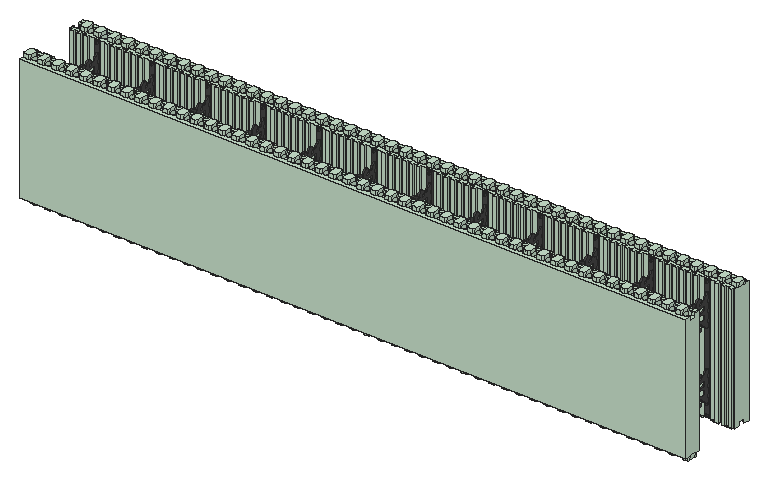
Revit family (continued)
Forms (mm)
  Extrusion 47, void
    sketch origin (2286, 0.196, 0) x (1, 0, 0) y (0, 1, 0)
      loop
        arc (29.796, -130.453) -> (38.1, -131.763) -> (46.404, -130.453) r 26.987
        arc (46.404, -130.453) -> (49.585, -128.147) -> (50.8, -124.411) r 6.35
        line (50.8, -124.411) -> (50.8, -101.014)
        arc (50.8, -101.014) -> (50.362, -98.696) -> (49.108, -96.698) r 6.35
        arc (49.108, -96.698) -> (48.795, -96.199) -> (48.685, -95.62) r 1.588
        line (48.685, -95.62) -> (48.685, -86.829) -> (44.346, -86.829) -> (44.346, -92.457)
        arc (44.346, -92.457) -> (43.786, -93.668) -> (42.5, -94.024) r 1.587
        arc (42.5, -94.024) -> (36.091, -93.737) -> (29.796, -94.972) r 26.988
        arc (29.796, -94.972) -> (26.615, -97.278) -> (25.4, -101.014) r 6.35
        line (25.4, -101.014) -> (25.4, -124.411)
    from 457.2 to 444.5
  Extrusion 48, void
    sketch origin (2336.8, 0.196, 0) x (1, 0, 0) y (0, 1, 0)
      loop
        arc (25.4, -124.411) -> (26.615, -128.147) -> (29.796, -130.453) r 6.35
        arc (29.796, -130.453) -> (38.1, -131.763) -> (46.404, -130.453) r 26.987
        arc (46.404, -130.453) -> (49.585, -128.147) -> (50.8, -124.411) r 6.35
        line (50.8, -124.411) -> (50.8, -101.014)
        arc (50.8, -101.014) -> (50.362, -98.696) -> (49.108, -96.698) r 6.35
        arc (49.108, -96.698) -> (48.795, -96.199) -> (48.685, -95.62) r 1.588
        line (48.685, -95.62) -> (48.685, -86.829) -> (44.346, -86.829) -> (44.346, -92.457)
        arc (44.346, -92.457) -> (43.786, -93.668) -> (42.5, -94.024) r 1.587
        arc (42.5, -94.024) -> (36.091, -93.737) -> (29.796, -94.972) r 26.988
        arc (29.796, -94.972) -> (26.615, -97.278) -> (25.4, -101.014) r 6.35
        line (25.4, -101.014) -> (25.4, -124.411)
    from 457.2 to 444.5
  Extrusion 49, void
    sketch origin (2387.6, 0.196, 0) x (1, 0, 0) y (0, 1, 0)
      loop
        arc (25.4, -124.411) -> (26.615, -128.147) -> (29.796, -130.453) r 6.35
        arc (29.796, -130.453) -> (38.1, -131.763) -> (46.404, -130.453) r 26.987
        arc (46.404, -130.453) -> (49.585, -128.147) -> (50.8, -124.411) r 6.35
        line (50.8, -124.411) -> (50.8, -101.014)
        arc (50.8, -101.014) -> (50.362, -98.696) -> (49.108, -96.698) r 6.35
        arc (49.108, -96.698) -> (48.795, -96.199) -> (48.685, -95.62) r 1.588
        line (48.685, -95.62) -> (48.685, -86.829) -> (44.346, -86.829) -> (44.346, -92.457)
        arc (44.346, -92.457) -> (43.786, -93.668) -> (42.5, -94.024) r 1.587
        arc (42.5, -94.024) -> (36.091, -93.737) -> (29.796, -94.972) r 26.988
        arc (29.796, -94.972) -> (26.615, -97.278) -> (25.4, -101.014) r 6.35
        line (25.4, -101.014) -> (25.4, -124.411)
    from 457.2 to 444.5
  Extrusion 50, void
    sketch origin (2438.4, 0.196, 0) x (-1, 0, 0) y (0, -1, 0)
      loop
        arc (25.4, -124.411) -> (26.615, -128.147) -> (29.796, -130.453) r 6.35
        arc (29.796, -130.453) -> (38.1, -131.763) -> (46.404, -130.453) r 26.987
        arc (46.404, -130.453) -> (49.585, -128.147) -> (50.8, -124.411) r 6.35
        line (50.8, -124.411) -> (50.8, -101.014)
        arc (50.8, -101.014) -> (50.362, -98.696) -> (49.108, -96.698) r 6.35
        arc (49.108, -96.698) -> (48.795, -96.199) -> (48.685, -95.62) r 1.588
        line (48.685, -95.62) -> (48.685, -86.829) -> (44.346, -86.829) -> (44.346, -92.457)
        arc (44.346, -92.457) -> (43.786, -93.668) -> (42.5, -94.024) r 1.587
        arc (42.5, -94.024) -> (36.091, -93.737) -> (29.796, -94.972) r 26.988
        arc (29.796, -94.972) -> (26.615, -97.278) -> (25.4, -101.014) r 6.35
        line (25.4, -101.014) -> (25.4, -124.411)
    from 457.2 to 444.5
  Extrusion 51, void
    sketch origin (2387.6, 0.196, 0) x (-1, 0, 0) y (0, -1, 0)
      loop
        arc (25.4, -124.411) -> (26.615, -128.147) -> (29.796, -130.453) r 6.35
        arc (29.796, -130.453) -> (38.1, -131.763) -> (46.404, -130.453) r 26.987
        arc (46.404, -130.453) -> (49.585, -128.147) -> (50.8, -124.411) r 6.35
        line (50.8, -124.411) -> (50.8, -101.014)
        arc (50.8, -101.014) -> (50.362, -98.696) -> (49.108, -96.698) r 6.35
        arc (49.108, -96.698) -> (48.795, -96.199) -> (48.685, -95.62) r 1.588
        line (48.685, -95.62) -> (48.685, -86.829) -> (44.346, -86.829) -> (44.346, -92.457)
        arc (44.346, -92.457) -> (43.786, -93.668) -> (42.5, -94.024) r 1.587
        arc (42.5, -94.024) -> (36.091, -93.737) -> (29.796, -94.972) r 26.988
        arc (29.796, -94.972) -> (26.615, -97.278) -> (25.4, -101.014) r 6.35
        line (25.4, -101.014) -> (25.4, -124.411)
    from 457.2 to 444.5
  Extrusion 52, void
    sketch origin (2336.8, 0.196, 0) x (-1, 0, 0) y (0, -1, 0)
      loop
        arc (25.4, -124.411) -> (26.615, -128.147) -> (29.796, -130.453) r 6.35
        arc (29.796, -130.453) -> (38.1, -131.763) -> (46.404, -130.453) r 26.987
        arc (46.404, -130.453) -> (49.585, -128.147) -> (50.8, -124.411) r 6.35
        line (50.8, -124.411) -> (50.8, -101.014)
        arc (50.8, -101.014) -> (50.362, -98.696) -> (49.108, -96.698) r 6.35
        arc (49.108, -96.698) -> (48.795, -96.199) -> (48.685, -95.62) r 1.588
        line (48.685, -95.62) -> (48.685, -86.829) -> (44.346, -86.829) -> (44.346, -92.457)
        arc (44.346, -92.457) -> (43.786, -93.668) -> (42.5, -94.024) r 1.587
        arc (42.5, -94.024) -> (36.091, -93.737) -> (29.796, -94.972) r 26.988
        arc (29.796, -94.972) -> (26.615, -97.278) -> (25.4, -101.014) r 6.35
        line (25.4, -101.014) -> (25.4, -124.411)
    from 457.2 to 444.5
  Extrusion 53, void
    sketch origin (2286, 0.196, 0) x (-1, 0, 0) y (0, -1, 0)
      loop
        arc (25.4, -124.411) -> (26.615, -128.147) -> (29.796, -130.453) r 6.35
        arc (29.796, -130.453) -> (38.1, -131.763) -> (46.404, -130.453) r 26.987
        arc (46.404, -130.453) -> (49.585, -128.147) -> (50.8, -124.411) r 6.35
        line (50.8, -124.411) -> (50.8, -101.014)
        arc (50.8, -101.014) -> (50.362, -98.696) -> (49.108, -96.698) r 6.35
        arc (49.108, -96.698) -> (48.795, -96.199) -> (48.685, -95.62) r 1.588
        line (48.685, -95.62) -> (48.685, -86.829) -> (44.346, -86.829) -> (44.346, -92.457)
        arc (44.346, -92.457) -> (43.786, -93.668) -> (42.5, -94.024) r 1.587
        arc (42.5, -94.024) -> (36.091, -93.737) -> (29.796, -94.972) r 26.988
        arc (29.796, -94.972) -> (26.615, -97.278) -> (25.4, -101.014) r 6.35
        line (25.4, -101.014) -> (25.4, -124.411)
    from 457.2 to 444.5
  Extrusion 54, void
    sketch origin (2235.2, 0.196, 0) x (-1, 0, 0) y (0, -1, 0)
      loop
        arc (25.4, -124.411) -> (26.615, -128.147) -> (29.796, -130.453) r 6.35
        arc (29.796, -130.453) -> (38.1, -131.763) -> (46.404, -130.453) r 26.987
        arc (46.404, -130.453) -> (49.585, -128.147) -> (50.8, -124.411) r 6.35
        line (50.8, -124.411) -> (50.8, -101.014)
        arc (50.8, -101.014) -> (50.362, -98.696) -> (49.108, -96.698) r 6.35
        arc (49.108, -96.698) -> (48.795, -96.199) -> (48.685, -95.62) r 1.588
        line (48.685, -95.62) -> (48.685, -86.829) -> (44.346, -86.829) -> (44.346, -92.457)
        arc (44.346, -92.457) -> (43.786, -93.668) -> (42.5, -94.024) r 1.587
        arc (42.5, -94.024) -> (36.091, -93.737) -> (29.796, -94.972) r 26.988
        arc (29.796, -94.972) -> (26.615, -97.278) -> (25.4, -101.014) r 6.35
        line (25.4, -101.014) -> (25.4, -124.411)
    from 457.2 to 444.5
  Extrusion 55, void
    sketch origin (2184.4, 0.196, 0) x (-1, 0, 0) y (0, -1, 0)
      loop
        arc (25.4, -124.411) -> (26.615, -128.147) -> (29.796, -130.453) r 6.35
        arc (29.796, -130.453) -> (38.1, -131.763) -> (46.404, -130.453) r 26.987
        arc (46.404, -130.453) -> (49.585, -128.147) -> (50.8, -124.411) r 6.35
        line (50.8, -124.411) -> (50.8, -101.014)
        arc (50.8, -101.014) -> (50.362, -98.696) -> (49.108, -96.698) r 6.35
        arc (49.108, -96.698) -> (48.795, -96.199) -> (48.685, -95.62) r 1.588
        line (48.685, -95.62) -> (48.685, -86.829) -> (44.346, -86.829) -> (44.346, -92.457)
        arc (44.346, -92.457) -> (43.786, -93.668) -> (42.5, -94.024) r 1.587
        arc (42.5, -94.024) -> (36.091, -93.737) -> (29.796, -94.972) r 26.988
        arc (29.796, -94.972) -> (26.615, -97.278) -> (25.4, -101.014) r 6.35
        line (25.4, -101.014) -> (25.4, -124.411)
    from 457.2 to 444.5
  Extrusion 56, void
    sketch origin (2133.6, 0.196, 0) x (-1, 0, 0) y (0, -1, 0)
      loop
        arc (25.4, -124.411) -> (26.615, -128.147) -> (29.796, -130.453) r 6.35
        arc (29.796, -130.453) -> (38.1, -131.763) -> (46.404, -130.453) r 26.987
        arc (46.404, -130.453) -> (49.585, -128.147) -> (50.8, -124.411) r 6.35
        line (50.8, -124.411) -> (50.8, -101.014)
        arc (50.8, -101.014) -> (50.362, -98.696) -> (49.108, -96.698) r 6.35
        arc (49.108, -96.698) -> (48.795, -96.199) -> (48.685, -95.62) r 1.588
        line (48.685, -95.62) -> (48.685, -86.829) -> (44.346, -86.829) -> (44.346, -92.457)
        arc (44.346, -92.457) -> (43.786, -93.668) -> (42.5, -94.024) r 1.587
        arc (42.5, -94.024) -> (36.091, -93.737) -> (29.796, -94.972) r 26.988
        arc (29.796, -94.972) -> (26.615, -97.278) -> (25.4, -101.014) r 6.35
        line (25.4, -101.014) -> (25.4, -124.411)
    from 457.2 to 444.5
  Extrusion 57, void
    sketch origin (2082.8, 0.196, 0) x (-1, 0, 0) y (0, -1, 0)
      loop
        arc (25.4, -124.411) -> (26.615, -128.147) -> (29.796, -130.453) r 6.35
        arc (29.796, -130.453) -> (38.1, -131.763) -> (46.404, -130.453) r 26.987
        arc (46.404, -130.453) -> (49.585, -128.147) -> (50.8, -124.411) r 6.35
        line (50.8, -124.411) -> (50.8, -101.014)
        arc (50.8, -101.014) -> (50.362, -98.696) -> (49.108, -96.698) r 6.35
        arc (49.108, -96.698) -> (48.795, -96.199) -> (48.685, -95.62) r 1.588
        line (48.685, -95.62) -> (48.685, -86.829) -> (44.346, -86.829) -> (44.346, -92.457)
        arc (44.346, -92.457) -> (43.786, -93.668) -> (42.5, -94.024) r 1.587
        arc (42.5, -94.024) -> (36.091, -93.737) -> (29.796, -94.972) r 26.988
        arc (29.796, -94.972) -> (26.615, -97.278) -> (25.4, -101.014) r 6.35
        line (25.4, -101.014) -> (25.4, -124.411)
    from 457.2 to 444.5
  Extrusion 58, void
    sketch origin (2032, 0.196, 0) x (-1, 0, 0) y (0, -1, 0)
      loop
        arc (25.4, -124.411) -> (26.615, -128.147) -> (29.796, -130.453) r 6.35
        arc (29.796, -130.453) -> (38.1, -131.763) -> (46.404, -130.453) r 26.987
        arc (46.404, -130.453) -> (49.585, -128.147) -> (50.8, -124.411) r 6.35
        line (50.8, -124.411) -> (50.8, -101.014)
        arc (50.8, -101.014) -> (50.362, -98.696) -> (49.108, -96.698) r 6.35
        arc (49.108, -96.698) -> (48.795, -96.199) -> (48.685, -95.62) r 1.588
        line (48.685, -95.62) -> (48.685, -86.829) -> (44.346, -86.829) -> (44.346, -92.457)
        arc (44.346, -92.457) -> (43.786, -93.668) -> (42.5, -94.024) r 1.587
        arc (42.5, -94.024) -> (36.091, -93.737) -> (29.796, -94.972) r 26.988
        arc (29.796, -94.972) -> (26.615, -97.278) -> (25.4, -101.014) r 6.35
        line (25.4, -101.014) -> (25.4, -124.411)
    from 457.2 to 444.5
  Extrusion 59, void
    sketch origin (1981.2, 0.196, 0) x (-1, 0, 0) y (0, -1, 0)
      loop
        arc (25.4, -124.411) -> (26.615, -128.147) -> (29.796, -130.453) r 6.35
        arc (29.796, -130.453) -> (38.1, -131.763) -> (46.404, -130.453) r 26.987
        arc (46.404, -130.453) -> (49.585, -128.147) -> (50.8, -124.411) r 6.35
        line (50.8, -124.411) -> (50.8, -101.014)
        arc (50.8, -101.014) -> (50.362, -98.696) -> (49.108, -96.698) r 6.35
        arc (49.108, -96.698) -> (48.795, -96.199) -> (48.685, -95.62) r 1.588
        line (48.685, -95.62) -> (48.685, -86.829) -> (44.346, -86.829) -> (44.346, -92.457)
        arc (44.346, -92.457) -> (43.786, -93.668) -> (42.5, -94.024) r 1.587
        arc (42.5, -94.024) -> (36.091, -93.737) -> (29.796, -94.972) r 26.988
        arc (29.796, -94.972) -> (26.615, -97.278) -> (25.4, -101.014) r 6.35
        line (25.4, -101.014) -> (25.4, -124.411)
    from 457.2 to 444.5
  Extrusion 60, void
    sketch origin (1930.4, 0.196, 0) x (-1, 0, 0) y (0, -1, 0)
      loop
        arc (25.4, -124.411) -> (26.615, -128.147) -> (29.796, -130.453) r 6.35
        arc (29.796, -130.453) -> (38.1, -131.763) -> (46.404, -130.453) r 26.987
        arc (46.404, -130.453) -> (49.585, -128.147) -> (50.8, -124.411) r 6.35
        line (50.8, -124.411) -> (50.8, -101.014)
        arc (50.8, -101.014) -> (50.362, -98.696) -> (49.108, -96.698) r 6.35
        arc (49.108, -96.698) -> (48.795, -96.199) -> (48.685, -95.62) r 1.588
        line (48.685, -95.62) -> (48.685, -86.829) -> (44.346, -86.829) -> (44.346, -92.457)
        arc (44.346, -92.457) -> (43.786, -93.668) -> (42.5, -94.024) r 1.587
        arc (42.5, -94.024) -> (36.091, -93.737) -> (29.796, -94.972) r 26.988
        arc (29.796, -94.972) -> (26.615, -97.278) -> (25.4, -101.014) r 6.35
        line (25.4, -101.014) -> (25.4, -124.411)
    from 457.2 to 444.5
  Extrusion 61, void
    sketch origin (1879.6, 0.196, 0) x (-1, 0, 0) y (0, -1, 0)
      loop
        arc (25.4, -124.411) -> (26.615, -128.147) -> (29.796, -130.453) r 6.35
        arc (29.796, -130.453) -> (38.1, -131.763) -> (46.404, -130.453) r 26.987
        arc (46.404, -130.453) -> (49.585, -128.147) -> (50.8, -124.411) r 6.35
        line (50.8, -124.411) -> (50.8, -101.014)
        arc (50.8, -101.014) -> (50.362, -98.696) -> (49.108, -96.698) r 6.35
        arc (49.108, -96.698) -> (48.795, -96.199) -> (48.685, -95.62) r 1.588
        line (48.685, -95.62) -> (48.685, -86.829) -> (44.346, -86.829) -> (44.346, -92.457)
        arc (44.346, -92.457) -> (43.786, -93.668) -> (42.5, -94.024) r 1.587
        arc (42.5, -94.024) -> (36.091, -93.737) -> (29.796, -94.972) r 26.988
        arc (29.796, -94.972) -> (26.615, -97.278) -> (25.4, -101.014) r 6.35
        line (25.4, -101.014) -> (25.4, -124.411)
    from 457.2 to 444.5
  Extrusion 62, void
    sketch origin (1828.8, 0.196, 0) x (-1, 0, 0) y (0, -1, 0)
      loop
        arc (25.4, -124.411) -> (26.615, -128.147) -> (29.796, -130.453) r 6.35
        arc (29.796, -130.453) -> (38.1, -131.763) -> (46.404, -130.453) r 26.987
        arc (46.404, -130.453) -> (49.585, -128.147) -> (50.8, -124.411) r 6.35
        line (50.8, -124.411) -> (50.8, -101.014)
        arc (50.8, -101.014) -> (50.362, -98.696) -> (49.108, -96.698) r 6.35
        arc (49.108, -96.698) -> (48.795, -96.199) -> (48.685, -95.62) r 1.588
        line (48.685, -95.62) -> (48.685, -86.829) -> (44.346, -86.829) -> (44.346, -92.457)
        arc (44.346, -92.457) -> (43.786, -93.668) -> (42.5, -94.024) r 1.587
        arc (42.5, -94.024) -> (36.091, -93.737) -> (29.796, -94.972) r 26.988
        arc (29.796, -94.972) -> (26.615, -97.278) -> (25.4, -101.014) r 6.35
        line (25.4, -101.014) -> (25.4, -124.411)
    from 457.2 to 444.5
  Extrusion 63, void
    sketch origin (1778, 0.196, 0) x (-1, 0, 0) y (0, -1, 0)
      loop
        arc (25.4, -124.411) -> (26.615, -128.147) -> (29.796, -130.453) r 6.35
        arc (29.796, -130.453) -> (38.1, -131.763) -> (46.404, -130.453) r 26.987
        arc (46.404, -130.453) -> (49.585, -128.147) -> (50.8, -124.411) r 6.35
        line (50.8, -124.411) -> (50.8, -101.014)
        arc (50.8, -101.014) -> (50.362, -98.696) -> (49.108, -96.698) r 6.35
        arc (49.108, -96.698) -> (48.795, -96.199) -> (48.685, -95.62) r 1.588
        line (48.685, -95.62) -> (48.685, -86.829) -> (44.346, -86.829) -> (44.346, -92.457)
        arc (44.346, -92.457) -> (43.786, -93.668) -> (42.5, -94.024) r 1.587
        arc (42.5, -94.024) -> (36.091, -93.737) -> (29.796, -94.972) r 26.988
        arc (29.796, -94.972) -> (26.615, -97.278) -> (25.4, -101.014) r 6.35
        line (25.4, -101.014) -> (25.4, -124.411)
    from 457.2 to 444.5
  Extrusion 64, void
    sketch origin (1727.2, 0.196, 0) x (-1, 0, 0) y (0, -1, 0)
      loop
        arc (25.4, -124.411) -> (26.615, -128.147) -> (29.796, -130.453) r 6.35
        arc (29.796, -130.453) -> (38.1, -131.763) -> (46.404, -130.453) r 26.987
        arc (46.404, -130.453) -> (49.585, -128.147) -> (50.8, -124.411) r 6.35
        line (50.8, -124.411) -> (50.8, -101.014)
        arc (50.8, -101.014) -> (50.362, -98.696) -> (49.108, -96.698) r 6.35
        arc (49.108, -96.698) -> (48.795, -96.199) -> (48.685, -95.62) r 1.588
        line (48.685, -95.62) -> (48.685, -86.829) -> (44.346, -86.829) -> (44.346, -92.457)
        arc (44.346, -92.457) -> (43.786, -93.668) -> (42.5, -94.024) r 1.587
        arc (42.5, -94.024) -> (36.091, -93.737) -> (29.796, -94.972) r 26.988
        arc (29.796, -94.972) -> (26.615, -97.278) -> (25.4, -101.014) r 6.35
        line (25.4, -101.014) -> (25.4, -124.411)
    from 457.2 to 444.5
  Extrusion 65, void
    sketch origin (1676.4, 0.196, 0) x (-1, 0, 0) y (0, -1, 0)
      loop
        arc (25.4, -124.411) -> (26.615, -128.147) -> (29.796, -130.453) r 6.35
        arc (29.796, -130.453) -> (38.1, -131.763) -> (46.404, -130.453) r 26.987
        arc (46.404, -130.453) -> (49.585, -128.147) -> (50.8, -124.411) r 6.35
        line (50.8, -124.411) -> (50.8, -101.014)
        arc (50.8, -101.014) -> (50.362, -98.696) -> (49.108, -96.698) r 6.35
        arc (49.108, -96.698) -> (48.795, -96.199) -> (48.685, -95.62) r 1.588
        line (48.685, -95.62) -> (48.685, -86.829) -> (44.346, -86.829) -> (44.346, -92.457)
        arc (44.346, -92.457) -> (43.786, -93.668) -> (42.5, -94.024) r 1.587
        arc (42.5, -94.024) -> (36.091, -93.737) -> (29.796, -94.972) r 26.988
        arc (29.796, -94.972) -> (26.615, -97.278) -> (25.4, -101.014) r 6.35
        line (25.4, -101.014) -> (25.4, -124.411)
    from 457.2 to 444.5
  Extrusion 66, void
    sketch origin (1625.6, 0.196, 0) x (-1, 0, 0) y (0, -1, 0)
      loop
        arc (25.4, -124.411) -> (26.615, -128.147) -> (29.796, -130.453) r 6.35
        arc (29.796, -130.453) -> (38.1, -131.763) -> (46.404, -130.453) r 26.987
        arc (46.404, -130.453) -> (49.585, -128.147) -> (50.8, -124.411) r 6.35
        line (50.8, -124.411) -> (50.8, -101.014)
        arc (50.8, -101.014) -> (50.362, -98.696) -> (49.108, -96.698) r 6.35
        arc (49.108, -96.698) -> (48.795, -96.199) -> (48.685, -95.62) r 1.588
        line (48.685, -95.62) -> (48.685, -86.829) -> (44.346, -86.829) -> (44.346, -92.457)
        arc (44.346, -92.457) -> (43.786, -93.668) -> (42.5, -94.024) r 1.587
        arc (42.5, -94.024) -> (36.091, -93.737) -> (29.796, -94.972) r 26.988
        arc (29.796, -94.972) -> (26.615, -97.278) -> (25.4, -101.014) r 6.35
        line (25.4, -101.014) -> (25.4, -124.411)
    from 457.2 to 444.5
  Extrusion 67, void
    sketch origin (1574.8, 0.196, 0) x (-1, 0, 0) y (0, -1, 0)
      loop
        arc (25.4, -124.411) -> (26.615, -128.147) -> (29.796, -130.453) r 6.35
        arc (29.796, -130.453) -> (38.1, -131.763) -> (46.404, -130.453) r 26.987
        arc (46.404, -130.453) -> (49.585, -128.147) -> (50.8, -124.411) r 6.35
        line (50.8, -124.411) -> (50.8, -101.014)
        arc (50.8, -101.014) -> (50.362, -98.696) -> (49.108, -96.698) r 6.35
        arc (49.108, -96.698) -> (48.795, -96.199) -> (48.685, -95.62) r 1.588
        line (48.685, -95.62) -> (48.685, -86.829) -> (44.346, -86.829) -> (44.346, -92.457)
        arc (44.346, -92.457) -> (43.786, -93.668) -> (42.5, -94.024) r 1.587
        arc (42.5, -94.024) -> (36.091, -93.737) -> (29.796, -94.972) r 26.988
        arc (29.796, -94.972) -> (26.615, -97.278) -> (25.4, -101.014) r 6.35
        line (25.4, -101.014) -> (25.4, -124.411)
    from 457.2 to 444.5
  Extrusion 68, void
    sketch origin (1524, 0.196, 0) x (-1, 0, 0) y (0, -1, 0)
      loop
        arc (25.4, -124.411) -> (26.615, -128.147) -> (29.796, -130.453) r 6.35
        arc (29.796, -130.453) -> (38.1, -131.763) -> (46.404, -130.453) r 26.987
        arc (46.404, -130.453) -> (49.585, -128.147) -> (50.8, -124.411) r 6.35
        line (50.8, -124.411) -> (50.8, -101.014)
        arc (50.8, -101.014) -> (50.362, -98.696) -> (49.108, -96.698) r 6.35
        arc (49.108, -96.698) -> (48.795, -96.199) -> (48.685, -95.62) r 1.588
        line (48.685, -95.62) -> (48.685, -86.829) -> (44.346, -86.829) -> (44.346, -92.457)
        arc (44.346, -92.457) -> (43.786, -93.668) -> (42.5, -94.024) r 1.587
        arc (42.5, -94.024) -> (36.091, -93.737) -> (29.796, -94.972) r 26.988
        arc (29.796, -94.972) -> (26.615, -97.278) -> (25.4, -101.014) r 6.35
        line (25.4, -101.014) -> (25.4, -124.411)
    from 457.2 to 444.5
  Extrusion 69, void
    sketch origin (1473.2, 0.196, 0) x (-1, 0, 0) y (0, -1, 0)
      loop
        arc (25.4, -124.411) -> (26.615, -128.147) -> (29.796, -130.453) r 6.35
        arc (29.796, -130.453) -> (38.1, -131.763) -> (46.404, -130.453) r 26.987
        arc (46.404, -130.453) -> (49.585, -128.147) -> (50.8, -124.411) r 6.35
        line (50.8, -124.411) -> (50.8, -101.014)
        arc (50.8, -101.014) -> (50.362, -98.696) -> (49.108, -96.698) r 6.35
        arc (49.108, -96.698) -> (48.795, -96.199) -> (48.685, -95.62) r 1.588
        line (48.685, -95.62) -> (48.685, -86.829) -> (44.346, -86.829) -> (44.346, -92.457)
        arc (44.346, -92.457) -> (43.786, -93.668) -> (42.5, -94.024) r 1.587
        arc (42.5, -94.024) -> (36.091, -93.737) -> (29.796, -94.972) r 26.988
        arc (29.796, -94.972) -> (26.615, -97.278) -> (25.4, -101.014) r 6.35
        line (25.4, -101.014) -> (25.4, -124.411)
    from 457.2 to 444.5
  Extrusion 70, void
    sketch origin (1422.4, 0.196, 0) x (-1, 0, 0) y (0, -1, 0)
      loop
        arc (25.4, -124.411) -> (26.615, -128.147) -> (29.796, -130.453) r 6.35
        arc (29.796, -130.453) -> (38.1, -131.763) -> (46.404, -130.453) r 26.987
        arc (46.404, -130.453) -> (49.585, -128.147) -> (50.8, -124.411) r 6.35
        line (50.8, -124.411) -> (50.8, -101.014)
        arc (50.8, -101.014) -> (50.362, -98.696) -> (49.108, -96.698) r 6.35
        arc (49.108, -96.698) -> (48.795, -96.199) -> (48.685, -95.62) r 1.588
        line (48.685, -95.62) -> (48.685, -86.829) -> (44.346, -86.829) -> (44.346, -92.457)
        arc (44.346, -92.457) -> (43.786, -93.668) -> (42.5, -94.024) r 1.587
        arc (42.5, -94.024) -> (36.091, -93.737) -> (29.796, -94.972) r 26.988
        arc (29.796, -94.972) -> (26.615, -97.278) -> (25.4, -101.014) r 6.35
        line (25.4, -101.014) -> (25.4, -124.411)
    from 457.2 to 444.5
  Extrusion 71, void
    sketch origin (1371.6, 0.196, 0) x (-1, 0, 0) y (0, -1, 0)
      loop
        arc (25.4, -124.411) -> (26.615, -128.147) -> (29.796, -130.453) r 6.35
        arc (29.796, -130.453) -> (38.1, -131.763) -> (46.404, -130.453) r 26.987
        arc (46.404, -130.453) -> (49.585, -128.147) -> (50.8, -124.411) r 6.35
        line (50.8, -124.411) -> (50.8, -101.014)
        arc (50.8, -101.014) -> (50.362, -98.696) -> (49.108, -96.698) r 6.35
        arc (49.108, -96.698) -> (48.795, -96.199) -> (48.685, -95.62) r 1.588
        line (48.685, -95.62) -> (48.685, -86.829) -> (44.346, -86.829) -> (44.346, -92.457)
        arc (44.346, -92.457) -> (43.786, -93.668) -> (42.5, -94.024) r 1.587
        arc (42.5, -94.024) -> (36.091, -93.737) -> (29.796, -94.972) r 26.988
        arc (29.796, -94.972) -> (26.615, -97.278) -> (25.4, -101.014) r 6.35
        line (25.4, -101.014) -> (25.4, -124.411)
    from 457.2 to 444.5
  Extrusion 72, void
    sketch origin (1320.8, 0.196, 0) x (-1, 0, 0) y (0, -1, 0)
      loop
        arc (25.4, -124.411) -> (26.615, -128.147) -> (29.796, -130.453) r 6.35
        arc (29.796, -130.453) -> (38.1, -131.763) -> (46.404, -130.453) r 26.987
        arc (46.404, -130.453) -> (49.585, -128.147) -> (50.8, -124.411) r 6.35
        line (50.8, -124.411) -> (50.8, -101.014)
        arc (50.8, -101.014) -> (50.362, -98.696) -> (49.108, -96.698) r 6.35
        arc (49.108, -96.698) -> (48.795, -96.199) -> (48.685, -95.62) r 1.588
        line (48.685, -95.62) -> (48.685, -86.829) -> (44.346, -86.829) -> (44.346, -92.457)
        arc (44.346, -92.457) -> (43.786, -93.668) -> (42.5, -94.024) r 1.587
        arc (42.5, -94.024) -> (36.091, -93.737) -> (29.796, -94.972) r 26.988
        arc (29.796, -94.972) -> (26.615, -97.278) -> (25.4, -101.014) r 6.35
        line (25.4, -101.014) -> (25.4, -124.411)
    from 457.2 to 444.5
  Extrusion 73, void
    sketch origin (1270, 0.196, 0) x (-1, 0, 0) y (0, -1, 0)
      loop
        arc (25.4, -124.411) -> (26.615, -128.147) -> (29.796, -130.453) r 6.35
        arc (29.796, -130.453) -> (38.1, -131.763) -> (46.404, -130.453) r 26.987
        arc (46.404, -130.453) -> (49.585, -128.147) -> (50.8, -124.411) r 6.35
        line (50.8, -124.411) -> (50.8, -101.014)
        arc (50.8, -101.014) -> (50.362, -98.696) -> (49.108, -96.698) r 6.35
        arc (49.108, -96.698) -> (48.795, -96.199) -> (48.685, -95.62) r 1.588
        line (48.685, -95.62) -> (48.685, -86.829) -> (44.346, -86.829) -> (44.346, -92.457)
        arc (44.346, -92.457) -> (43.786, -93.668) -> (42.5, -94.024) r 1.587
        arc (42.5, -94.024) -> (36.091, -93.737) -> (29.796, -94.972) r 26.988
        arc (29.796, -94.972) -> (26.615, -97.278) -> (25.4, -101.014) r 6.35
        line (25.4, -101.014) -> (25.4, -124.411)
    from 457.2 to 444.5
  Extrusion 74, void
    sketch origin (1219.2, 0.196, 0) x (-1, 0, 0) y (0, -1, 0)
      loop
        arc (25.4, -124.411) -> (26.615, -128.147) -> (29.796, -130.453) r 6.35
        arc (29.796, -130.453) -> (38.1, -131.763) -> (46.404, -130.453) r 26.987
        arc (46.404, -130.453) -> (49.585, -128.147) -> (50.8, -124.411) r 6.35
        line (50.8, -124.411) -> (50.8, -101.014)
        arc (50.8, -101.014) -> (50.362, -98.696) -> (49.108, -96.698) r 6.35
        arc (49.108, -96.698) -> (48.795, -96.199) -> (48.685, -95.62) r 1.588
        line (48.685, -95.62) -> (48.685, -86.829) -> (44.346, -86.829) -> (44.346, -92.457)
        arc (44.346, -92.457) -> (43.786, -93.668) -> (42.5, -94.024) r 1.587
        arc (42.5, -94.024) -> (36.091, -93.737) -> (29.796, -94.972) r 26.988
        arc (29.796, -94.972) -> (26.615, -97.278) -> (25.4, -101.014) r 6.35
        line (25.4, -101.014) -> (25.4, -124.411)
    from 457.2 to 444.5
  Extrusion 75, void
    sketch origin (1168.4, 0.196, 0) x (-1, 0, 0) y (0, -1, 0)
      loop
        arc (25.4, -124.411) -> (26.615, -128.147) -> (29.796, -130.453) r 6.35
        arc (29.796, -130.453) -> (38.1, -131.763) -> (46.404, -130.453) r 26.987
        arc (46.404, -130.453) -> (49.585, -128.147) -> (50.8, -124.411) r 6.35
        line (50.8, -124.411) -> (50.8, -101.014)
        arc (50.8, -101.014) -> (50.362, -98.696) -> (49.108, -96.698) r 6.35
        arc (49.108, -96.698) -> (48.795, -96.199) -> (48.685, -95.62) r 1.588
        line (48.685, -95.62) -> (48.685, -86.829) -> (44.346, -86.829) -> (44.346, -92.457)
        arc (44.346, -92.457) -> (43.786, -93.668) -> (42.5, -94.024) r 1.587
        arc (42.5, -94.024) -> (36.091, -93.737) -> (29.796, -94.972) r 26.988
        arc (29.796, -94.972) -> (26.615, -97.278) -> (25.4, -101.014) r 6.35
        line (25.4, -101.014) -> (25.4, -124.411)
    from 457.2 to 444.5
  Extrusion 76, void
    sketch origin (1117.6, 0.196, 0) x (-1, 0, 0) y (0, -1, 0)
      loop
        arc (25.4, -124.411) -> (26.615, -128.147) -> (29.796, -130.453) r 6.35
        arc (29.796, -130.453) -> (38.1, -131.763) -> (46.404, -130.453) r 26.987
        arc (46.404, -130.453) -> (49.585, -128.147) -> (50.8, -124.411) r 6.35
        line (50.8, -124.411) -> (50.8, -101.014)
        arc (50.8, -101.014) -> (50.362, -98.696) -> (49.108, -96.698) r 6.35
        arc (49.108, -96.698) -> (48.795, -96.199) -> (48.685, -95.62) r 1.588
        line (48.685, -95.62) -> (48.685, -86.829) -> (44.346, -86.829) -> (44.346, -92.457)
        arc (44.346, -92.457) -> (43.786, -93.668) -> (42.5, -94.024) r 1.587
        arc (42.5, -94.024) -> (36.091, -93.737) -> (29.796, -94.972) r 26.988
        arc (29.796, -94.972) -> (26.615, -97.278) -> (25.4, -101.014) r 6.35
        line (25.4, -101.014) -> (25.4, -124.411)
    from 457.2 to 444.5
  Extrusion 77, void
    sketch origin (1066.8, 0.196, 0) x (-1, 0, 0) y (0, -1, 0)
      loop
        arc (25.4, -124.411) -> (26.615, -128.147) -> (29.796, -130.453) r 6.35
        arc (29.796, -130.453) -> (38.1, -131.763) -> (46.404, -130.453) r 26.987
        arc (46.404, -130.453) -> (49.585, -128.147) -> (50.8, -124.411) r 6.35
        line (50.8, -124.411) -> (50.8, -101.014)
        arc (50.8, -101.014) -> (50.362, -98.696) -> (49.108, -96.698) r 6.35
        arc (49.108, -96.698) -> (48.795, -96.199) -> (48.685, -95.62) r 1.588
        line (48.685, -95.62) -> (48.685, -86.829) -> (44.346, -86.829) -> (44.346, -92.457)
        arc (44.346, -92.457) -> (43.786, -93.668) -> (42.5, -94.024) r 1.587
        arc (42.5, -94.024) -> (36.091, -93.737) -> (29.796, -94.972) r 26.988
        arc (29.796, -94.972) -> (26.615, -97.278) -> (25.4, -101.014) r 6.35
        line (25.4, -101.014) -> (25.4, -124.411)
    from 457.2 to 444.5
  Extrusion 78, void
    sketch origin (1016, 0.196, 0) x (-1, 0, 0) y (0, -1, 0)
      loop
        arc (25.4, -124.411) -> (26.615, -128.147) -> (29.796, -130.453) r 6.35
        arc (29.796, -130.453) -> (38.1, -131.763) -> (46.404, -130.453) r 26.987
        arc (46.404, -130.453) -> (49.585, -128.147) -> (50.8, -124.411) r 6.35
        line (50.8, -124.411) -> (50.8, -101.014)
        arc (50.8, -101.014) -> (50.362, -98.696) -> (49.108, -96.698) r 6.35
        arc (49.108, -96.698) -> (48.795, -96.199) -> (48.685, -95.62) r 1.588
        line (48.685, -95.62) -> (48.685, -86.829) -> (44.346, -86.829) -> (44.346, -92.457)
        arc (44.346, -92.457) -> (43.786, -93.668) -> (42.5, -94.024) r 1.587
        arc (42.5, -94.024) -> (36.091, -93.737) -> (29.796, -94.972) r 26.988
        arc (29.796, -94.972) -> (26.615, -97.278) -> (25.4, -101.014) r 6.35
        line (25.4, -101.014) -> (25.4, -124.411)
    from 457.2 to 444.5
  Extrusion 79, void
    sketch origin (965.2, 0.196, 0) x (-1, 0, 0) y (0, -1, 0)
      loop
        arc (25.4, -124.411) -> (26.615, -128.147) -> (29.796, -130.453) r 6.35
        arc (29.796, -130.453) -> (38.1, -131.763) -> (46.404, -130.453) r 26.987
        arc (46.404, -130.453) -> (49.585, -128.147) -> (50.8, -124.411) r 6.35
        line (50.8, -124.411) -> (50.8, -101.014)
        arc (50.8, -101.014) -> (50.362, -98.696) -> (49.108, -96.698) r 6.35
        arc (49.108, -96.698) -> (48.795, -96.199) -> (48.685, -95.62) r 1.588
        line (48.685, -95.62) -> (48.685, -86.829) -> (44.346, -86.829) -> (44.346, -92.457)
        arc (44.346, -92.457) -> (43.786, -93.668) -> (42.5, -94.024) r 1.587
        arc (42.5, -94.024) -> (36.091, -93.737) -> (29.796, -94.972) r 26.988
        arc (29.796, -94.972) -> (26.615, -97.278) -> (25.4, -101.014) r 6.35
        line (25.4, -101.014) -> (25.4, -124.411)
    from 457.2 to 444.5
  Extrusion 80, void
    sketch origin (914.4, 0.196, 0) x (-1, 0, 0) y (0, -1, 0)
      loop
        arc (25.4, -124.411) -> (26.615, -128.147) -> (29.796, -130.453) r 6.35
        arc (29.796, -130.453) -> (38.1, -131.763) -> (46.404, -130.453) r 26.987
        arc (46.404, -130.453) -> (49.585, -128.147) -> (50.8, -124.411) r 6.35
        line (50.8, -124.411) -> (50.8, -101.014)
        arc (50.8, -101.014) -> (50.362, -98.696) -> (49.108, -96.698) r 6.35
        arc (49.108, -96.698) -> (48.795, -96.199) -> (48.685, -95.62) r 1.588
        line (48.685, -95.62) -> (48.685, -86.829) -> (44.346, -86.829) -> (44.346, -92.457)
        arc (44.346, -92.457) -> (43.786, -93.668) -> (42.5, -94.024) r 1.587
        arc (42.5, -94.024) -> (36.091, -93.737) -> (29.796, -94.972) r 26.988
        arc (29.796, -94.972) -> (26.615, -97.278) -> (25.4, -101.014) r 6.35
        line (25.4, -101.014) -> (25.4, -124.411)
    from 457.2 to 444.5
  Extrusion 81, void
    sketch origin (863.6, 0.196, 0) x (-1, 0, 0) y (0, -1, 0)
      loop
        arc (25.4, -124.411) -> (26.615, -128.147) -> (29.796, -130.453) r 6.35
        arc (29.796, -130.453) -> (38.1, -131.763) -> (46.404, -130.453) r 26.987
        arc (46.404, -130.453) -> (49.585, -128.147) -> (50.8, -124.411) r 6.35
        line (50.8, -124.411) -> (50.8, -101.014)
        arc (50.8, -101.014) -> (50.362, -98.696) -> (49.108, -96.698) r 6.35
        arc (49.108, -96.698) -> (48.795, -96.199) -> (48.685, -95.62) r 1.588
        line (48.685, -95.62) -> (48.685, -86.829) -> (44.346, -86.829) -> (44.346, -92.457)
        arc (44.346, -92.457) -> (43.786, -93.668) -> (42.5, -94.024) r 1.587
        arc (42.5, -94.024) -> (36.091, -93.737) -> (29.796, -94.972) r 26.988
        arc (29.796, -94.972) -> (26.615, -97.278) -> (25.4, -101.014) r 6.35
        line (25.4, -101.014) -> (25.4, -124.411)
    from 457.2 to 444.5
  Extrusion 82, void
    sketch origin (812.8, 0.196, 0) x (-1, 0, 0) y (0, -1, 0)
      loop
        arc (25.4, -124.411) -> (26.615, -128.147) -> (29.796, -130.453) r 6.35
        arc (29.796, -130.453) -> (38.1, -131.763) -> (46.404, -130.453) r 26.987
        arc (46.404, -130.453) -> (49.585, -128.147) -> (50.8, -124.411) r 6.35
        line (50.8, -124.411) -> (50.8, -101.014)
        arc (50.8, -101.014) -> (50.362, -98.696) -> (49.108, -96.698) r 6.35
        arc (49.108, -96.698) -> (48.795, -96.199) -> (48.685, -95.62) r 1.588
        line (48.685, -95.62) -> (48.685, -86.829) -> (44.346, -86.829) -> (44.346, -92.457)
        arc (44.346, -92.457) -> (43.786, -93.668) -> (42.5, -94.024) r 1.587
        arc (42.5, -94.024) -> (36.091, -93.737) -> (29.796, -94.972) r 26.988
        arc (29.796, -94.972) -> (26.615, -97.278) -> (25.4, -101.014) r 6.35
        line (25.4, -101.014) -> (25.4, -124.411)
    from 457.2 to 444.5
  Extrusion 83, void
    sketch origin (762, 0.196, 0) x (-1, 0, 0) y (0, -1, 0)
      loop
        arc (25.4, -124.411) -> (26.615, -128.147) -> (29.796, -130.453) r 6.35
        arc (29.796, -130.453) -> (38.1, -131.763) -> (46.404, -130.453) r 26.987
        arc (46.404, -130.453) -> (49.585, -128.147) -> (50.8, -124.411) r 6.35
        line (50.8, -124.411) -> (50.8, -101.014)
        arc (50.8, -101.014) -> (50.362, -98.696) -> (49.108, -96.698) r 6.35
        arc (49.108, -96.698) -> (48.795, -96.199) -> (48.685, -95.62) r 1.588
        line (48.685, -95.62) -> (48.685, -86.829) -> (44.346, -86.829) -> (44.346, -92.457)
        arc (44.346, -92.457) -> (43.786, -93.668) -> (42.5, -94.024) r 1.587
        arc (42.5, -94.024) -> (36.091, -93.737) -> (29.796, -94.972) r 26.988
        arc (29.796, -94.972) -> (26.615, -97.278) -> (25.4, -101.014) r 6.35
        line (25.4, -101.014) -> (25.4, -124.411)
    from 457.2 to 444.5
  Extrusion 84, void
    sketch origin (711.2, 0.196, 0) x (-1, 0, 0) y (0, -1, 0)
      loop
        arc (25.4, -124.411) -> (26.615, -128.147) -> (29.796, -130.453) r 6.35
        arc (29.796, -130.453) -> (38.1, -131.763) -> (46.404, -130.453) r 26.987
        arc (46.404, -130.453) -> (49.585, -128.147) -> (50.8, -124.411) r 6.35
        line (50.8, -124.411) -> (50.8, -101.014)
        arc (50.8, -101.014) -> (50.362, -98.696) -> (49.108, -96.698) r 6.35
        arc (49.108, -96.698) -> (48.795, -96.199) -> (48.685, -95.62) r 1.588
        line (48.685, -95.62) -> (48.685, -86.829) -> (44.346, -86.829) -> (44.346, -92.457)
        arc (44.346, -92.457) -> (43.786, -93.668) -> (42.5, -94.024) r 1.587
        arc (42.5, -94.024) -> (36.091, -93.737) -> (29.796, -94.972) r 26.988
        arc (29.796, -94.972) -> (26.615, -97.278) -> (25.4, -101.014) r 6.35
        line (25.4, -101.014) -> (25.4, -124.411)
    from 457.2 to 444.5
  Extrusion 85, void
    sketch origin (660.4, 0.196, 0) x (-1, 0, 0) y (0, -1, 0)
      loop
        arc (25.4, -124.411) -> (26.615, -128.147) -> (29.796, -130.453) r 6.35
        arc (29.796, -130.453) -> (38.1, -131.763) -> (46.404, -130.453) r 26.987
        arc (46.404, -130.453) -> (49.585, -128.147) -> (50.8, -124.411) r 6.35
        line (50.8, -124.411) -> (50.8, -101.014)
        arc (50.8, -101.014) -> (50.362, -98.696) -> (49.108, -96.698) r 6.35
        arc (49.108, -96.698) -> (48.795, -96.199) -> (48.685, -95.62) r 1.588
        line (48.685, -95.62) -> (48.685, -86.829) -> (44.346, -86.829) -> (44.346, -92.457)
        arc (44.346, -92.457) -> (43.786, -93.668) -> (42.5, -94.024) r 1.587
        arc (42.5, -94.024) -> (36.091, -93.737) -> (29.796, -94.972) r 26.988
        arc (29.796, -94.972) -> (26.615, -97.278) -> (25.4, -101.014) r 6.35
        line (25.4, -101.014) -> (25.4, -124.411)
    from 457.2 to 444.5
  Extrusion 86, void
    sketch origin (609.6, 0.196, 0) x (-1, 0, 0) y (0, -1, 0)
      loop
        arc (25.4, -124.411) -> (26.615, -128.147) -> (29.796, -130.453) r 6.35
        arc (29.796, -130.453) -> (38.1, -131.763) -> (46.404, -130.453) r 26.987
        arc (46.404, -130.453) -> (49.585, -128.147) -> (50.8, -124.411) r 6.35
        line (50.8, -124.411) -> (50.8, -101.014)
        arc (50.8, -101.014) -> (50.362, -98.696) -> (49.108, -96.698) r 6.35
        arc (49.108, -96.698) -> (48.795, -96.199) -> (48.685, -95.62) r 1.588
        line (48.685, -95.62) -> (48.685, -86.829) -> (44.346, -86.829) -> (44.346, -92.457)
        arc (44.346, -92.457) -> (43.786, -93.668) -> (42.5, -94.024) r 1.587
        arc (42.5, -94.024) -> (36.091, -93.737) -> (29.796, -94.972) r 26.988
        arc (29.796, -94.972) -> (26.615, -97.278) -> (25.4, -101.014) r 6.35
        line (25.4, -101.014) -> (25.4, -124.411)
    from 457.2 to 444.5
  Extrusion 87, void
    sketch origin (558.8, 0.196, 0) x (-1, 0, 0) y (0, -1, 0)
      loop
        arc (25.4, -124.411) -> (26.615, -128.147) -> (29.796, -130.453) r 6.35
        arc (29.796, -130.453) -> (38.1, -131.763) -> (46.404, -130.453) r 26.987
        arc (46.404, -130.453) -> (49.585, -128.147) -> (50.8, -124.411) r 6.35
        line (50.8, -124.411) -> (50.8, -101.014)
        arc (50.8, -101.014) -> (50.362, -98.696) -> (49.108, -96.698) r 6.35
        arc (49.108, -96.698) -> (48.795, -96.199) -> (48.685, -95.62) r 1.588
        line (48.685, -95.62) -> (48.685, -86.829) -> (44.346, -86.829) -> (44.346, -92.457)
        arc (44.346, -92.457) -> (43.786, -93.668) -> (42.5, -94.024) r 1.587
        arc (42.5, -94.024) -> (36.091, -93.737) -> (29.796, -94.972) r 26.988
        arc (29.796, -94.972) -> (26.615, -97.278) -> (25.4, -101.014) r 6.35
        line (25.4, -101.014) -> (25.4, -124.411)
    from 457.2 to 444.5
  Extrusion 88, void
    sketch origin (508, 0.196, 0) x (-1, 0, 0) y (0, -1, 0)
      loop
        arc (25.4, -124.411) -> (26.615, -128.147) -> (29.796, -130.453) r 6.35
        arc (29.796, -130.453) -> (38.1, -131.763) -> (46.404, -130.453) r 26.987
        arc (46.404, -130.453) -> (49.585, -128.147) -> (50.8, -124.411) r 6.35
        line (50.8, -124.411) -> (50.8, -101.014)
        arc (50.8, -101.014) -> (50.362, -98.696) -> (49.108, -96.698) r 6.35
        arc (49.108, -96.698) -> (48.795, -96.199) -> (48.685, -95.62) r 1.588
        line (48.685, -95.62) -> (48.685, -86.829) -> (44.346, -86.829) -> (44.346, -92.457)
        arc (44.346, -92.457) -> (43.786, -93.668) -> (42.5, -94.024) r 1.587
        arc (42.5, -94.024) -> (36.091, -93.737) -> (29.796, -94.972) r 26.988
        arc (29.796, -94.972) -> (26.615, -97.278) -> (25.4, -101.014) r 6.35
        line (25.4, -101.014) -> (25.4, -124.411)
    from 457.2 to 444.5
  Extrusion 89, void
    sketch origin (457.2, 0.196, 0) x (-1, 0, 0) y (0, -1, 0)
      loop
        arc (25.4, -124.411) -> (26.615, -128.147) -> (29.796, -130.453) r 6.35
        arc (29.796, -130.453) -> (38.1, -131.763) -> (46.404, -130.453) r 26.987
        arc (46.404, -130.453) -> (49.585, -128.147) -> (50.8, -124.411) r 6.35
        line (50.8, -124.411) -> (50.8, -101.014)
        arc (50.8, -101.014) -> (50.362, -98.696) -> (49.108, -96.698) r 6.35
        arc (49.108, -96.698) -> (48.795, -96.199) -> (48.685, -95.62) r 1.588
        line (48.685, -95.62) -> (48.685, -86.829) -> (44.346, -86.829) -> (44.346, -92.457)
        arc (44.346, -92.457) -> (43.786, -93.668) -> (42.5, -94.024) r 1.587
        arc (42.5, -94.024) -> (36.091, -93.737) -> (29.796, -94.972) r 26.988
        arc (29.796, -94.972) -> (26.615, -97.278) -> (25.4, -101.014) r 6.35
        line (25.4, -101.014) -> (25.4, -124.411)
    from 457.2 to 444.5
  Extrusion 90, void
    sketch origin (406.4, 0.196, 0) x (-1, 0, 0) y (0, -1, 0)
      loop
        arc (25.4, -124.411) -> (26.615, -128.147) -> (29.796, -130.453) r 6.35
        arc (29.796, -130.453) -> (38.1, -131.763) -> (46.404, -130.453) r 26.987
        arc (46.404, -130.453) -> (49.585, -128.147) -> (50.8, -124.411) r 6.35
        line (50.8, -124.411) -> (50.8, -101.014)
        arc (50.8, -101.014) -> (50.362, -98.696) -> (49.108, -96.698) r 6.35
        arc (49.108, -96.698) -> (48.795, -96.199) -> (48.685, -95.62) r 1.588
        line (48.685, -95.62) -> (48.685, -86.829) -> (44.346, -86.829) -> (44.346, -92.457)
        arc (44.346, -92.457) -> (43.786, -93.668) -> (42.5, -94.024) r 1.587
        arc (42.5, -94.024) -> (36.091, -93.737) -> (29.796, -94.972) r 26.988
        arc (29.796, -94.972) -> (26.615, -97.278) -> (25.4, -101.014) r 6.35
        line (25.4, -101.014) -> (25.4, -124.411)
    from 457.2 to 444.5
  Extrusion 91, void
    sketch origin (355.6, 0.196, 0) x (-1, 0, 0) y (0, -1, 0)
      loop
        arc (25.4, -124.411) -> (26.615, -128.147) -> (29.796, -130.453) r 6.35
        arc (29.796, -130.453) -> (38.1, -131.763) -> (46.404, -130.453) r 26.987
        arc (46.404, -130.453) -> (49.585, -128.147) -> (50.8, -124.411) r 6.35
        line (50.8, -124.411) -> (50.8, -101.014)
        arc (50.8, -101.014) -> (50.362, -98.696) -> (49.108, -96.698) r 6.35
        arc (49.108, -96.698) -> (48.795, -96.199) -> (48.685, -95.62) r 1.588
        line (48.685, -95.62) -> (48.685, -86.829) -> (44.346, -86.829) -> (44.346, -92.457)
        arc (44.346, -92.457) -> (43.786, -93.668) -> (42.5, -94.024) r 1.587
        arc (42.5, -94.024) -> (36.091, -93.737) -> (29.796, -94.972) r 26.988
        arc (29.796, -94.972) -> (26.615, -97.278) -> (25.4, -101.014) r 6.35
        line (25.4, -101.014) -> (25.4, -124.411)
    from 457.2 to 444.5
  Extrusion 92, void
    sketch origin (304.8, 0.196, 0) x (-1, 0, 0) y (0, -1, 0)
      loop
        arc (25.4, -124.411) -> (26.615, -128.147) -> (29.796, -130.453) r 6.35
        arc (29.796, -130.453) -> (38.1, -131.763) -> (46.404, -130.453) r 26.987
        arc (46.404, -130.453) -> (49.585, -128.147) -> (50.8, -124.411) r 6.35
        line (50.8, -124.411) -> (50.8, -101.014)
        arc (50.8, -101.014) -> (50.362, -98.696) -> (49.108, -96.698) r 6.35
        arc (49.108, -96.698) -> (48.795, -96.199) -> (48.685, -95.62) r 1.588
        line (48.685, -95.62) -> (48.685, -86.829) -> (44.346, -86.829) -> (44.346, -92.457)
        arc (44.346, -92.457) -> (43.786, -93.668) -> (42.5, -94.024) r 1.587
        arc (42.5, -94.024) -> (36.091, -93.737) -> (29.796, -94.972) r 26.988
        arc (29.796, -94.972) -> (26.615, -97.278) -> (25.4, -101.014) r 6.35
        line (25.4, -101.014) -> (25.4, -124.411)
    from 457.2 to 444.5
  Extrusion 93, void
    sketch origin (254, 0.196, 0) x (-1, 0, 0) y (0, -1, 0)
      loop
        arc (25.4, -124.411) -> (26.615, -128.147) -> (29.796, -130.453) r 6.35
        arc (29.796, -130.453) -> (38.1, -131.763) -> (46.404, -130.453) r 26.987
        arc (46.404, -130.453) -> (49.585, -128.147) -> (50.8, -124.411) r 6.35
        line (50.8, -124.411) -> (50.8, -101.014)
        arc (50.8, -101.014) -> (50.362, -98.696) -> (49.108, -96.698) r 6.35
        arc (49.108, -96.698) -> (48.795, -96.199) -> (48.685, -95.62) r 1.588
        line (48.685, -95.62) -> (48.685, -86.829) -> (44.346, -86.829) -> (44.346, -92.457)
        arc (44.346, -92.457) -> (43.786, -93.668) -> (42.5, -94.024) r 1.587
        arc (42.5, -94.024) -> (36.091, -93.737) -> (29.796, -94.972) r 26.988
        arc (29.796, -94.972) -> (26.615, -97.278) -> (25.4, -101.014) r 6.35
        line (25.4, -101.014) -> (25.4, -124.411)
    from 457.2 to 444.5
  Extrusion 94, void
    sketch origin (203.2, 0.196, 0) x (-1, 0, 0) y (0, -1, 0)
      loop
        arc (25.4, -124.411) -> (26.615, -128.147) -> (29.796, -130.453) r 6.35
        arc (29.796, -130.453) -> (38.1, -131.763) -> (46.404, -130.453) r 26.987
        arc (46.404, -130.453) -> (49.585, -128.147) -> (50.8, -124.411) r 6.35
        line (50.8, -124.411) -> (50.8, -101.014)
        arc (50.8, -101.014) -> (50.362, -98.696) -> (49.108, -96.698) r 6.35
        arc (49.108, -96.698) -> (48.795, -96.199) -> (48.685, -95.62) r 1.588
        line (48.685, -95.62) -> (48.685, -86.829) -> (44.346, -86.829) -> (44.346, -92.457)
        arc (44.346, -92.457) -> (43.786, -93.668) -> (42.5, -94.024) r 1.587
        arc (42.5, -94.024) -> (36.091, -93.737) -> (29.796, -94.972) r 26.988
        arc (29.796, -94.972) -> (26.615, -97.278) -> (25.4, -101.014) r 6.35
        line (25.4, -101.014) -> (25.4, -124.411)
    from 457.2 to 444.5
  Extrusion 95, void
    sketch origin (152.4, 0.196, 0) x (-1, 0, 0) y (0, -1, 0)
      loop
        arc (25.4, -124.411) -> (26.615, -128.147) -> (29.796, -130.453) r 6.35
        arc (29.796, -130.453) -> (38.1, -131.763) -> (46.404, -130.453) r 26.987
        arc (46.404, -130.453) -> (49.585, -128.147) -> (50.8, -124.411) r 6.35
        line (50.8, -124.411) -> (50.8, -101.014)
        arc (50.8, -101.014) -> (50.362, -98.696) -> (49.108, -96.698) r 6.35
        arc (49.108, -96.698) -> (48.795, -96.199) -> (48.685, -95.62) r 1.588
        line (48.685, -95.62) -> (48.685, -86.829) -> (44.346, -86.829) -> (44.346, -92.457)
        arc (44.346, -92.457) -> (43.786, -93.668) -> (42.5, -94.024) r 1.587
        arc (42.5, -94.024) -> (36.091, -93.737) -> (29.796, -94.972) r 26.988
        arc (29.796, -94.972) -> (26.615, -97.278) -> (25.4, -101.014) r 6.35
        line (25.4, -101.014) -> (25.4, -124.411)
    from 457.2 to 444.5
  Extrusion 96, void
    sketch origin (101.6, 0.196, 0) x (-1, 0, 0) y (0, -1, 0)
      loop
        arc (25.4, -124.411) -> (26.615, -128.147) -> (29.796, -130.453) r 6.35
        arc (29.796, -130.453) -> (38.1, -131.763) -> (46.404, -130.453) r 26.987
        arc (46.404, -130.453) -> (49.585, -128.147) -> (50.8, -124.411) r 6.35
        line (50.8, -124.411) -> (50.8, -101.014)
        arc (50.8, -101.014) -> (50.362, -98.696) -> (49.108, -96.698) r 6.35
        arc (49.108, -96.698) -> (48.795, -96.199) -> (48.685, -95.62) r 1.588
        line (48.685, -95.62) -> (48.685, -86.829) -> (44.346, -86.829) -> (44.346, -92.457)
        arc (44.346, -92.457) -> (43.786, -93.668) -> (42.5, -94.024) r 1.587
        arc (42.5, -94.024) -> (36.091, -93.737) -> (29.796, -94.972) r 26.988
        arc (29.796, -94.972) -> (26.615, -97.278) -> (25.4, -101.014) r 6.35
        line (25.4, -101.014) -> (25.4, -124.411)
    from 457.2 to 444.5
  Extrusion 97, void
    sketch origin (50.8, 0.196, 0) x (-1, 0, 0) y (0, -1, 0)
      loop
        arc (25.4, -124.411) -> (26.615, -128.147) -> (29.796, -130.453) r 6.35
        arc (29.796, -130.453) -> (38.1, -131.763) -> (46.404, -130.453) r 26.987
        arc (46.404, -130.453) -> (49.585, -128.147) -> (50.8, -124.411) r 6.35
        line (50.8, -124.411) -> (50.8, -101.014)
        arc (50.8, -101.014) -> (50.362, -98.696) -> (49.108, -96.698) r 6.35
        arc (49.108, -96.698) -> (48.795, -96.199) -> (48.685, -95.62) r 1.588
        line (48.685, -95.62) -> (48.685, -86.829) -> (44.346, -86.829) -> (44.346, -92.457)
        arc (44.346, -92.457) -> (43.786, -93.668) -> (42.5, -94.024) r 1.587
        arc (42.5, -94.024) -> (36.091, -93.737) -> (29.796, -94.972) r 26.988
        arc (29.796, -94.972) -> (26.615, -97.278) -> (25.4, -101.014) r 6.35
        line (25.4, -101.014) -> (25.4, -124.411)
    from 457.2 to 444.5
  Extrusion 98, void
    sketch origin (50.8, 0.196, 0) x (-1, 0, 0) y (0, -1, 0)
      loop
        line (25.4, 124.411) -> (25.4, 101.014)
        arc (25.4, 101.014) -> (26.615, 97.278) -> (29.796, 94.972) r 6.35
        arc (29.796, 94.972) -> (36.091, 93.737) -> (42.5, 94.024) r 26.988
        arc (42.5, 94.024) -> (43.786, 93.668) -> (44.346, 92.457) r 1.587
        line (44.346, 92.457) -> (44.346, 86.829) -> (48.685, 86.829) -> (48.685, 95.62)
        arc (48.685, 95.62) -> (48.795, 96.199) -> (49.108, 96.698) r 1.588
        arc (49.108, 96.698) -> (50.362, 98.696) -> (50.8, 101.014) r 6.35
        line (50.8, 101.014) -> (50.8, 124.411)
        arc (50.8, 124.411) -> (49.585, 128.147) -> (46.404, 130.453) r 6.35
        arc (46.404, 130.453) -> (38.1, 131.763) -> (29.796, 130.453) r 26.987
        arc (29.796, 130.453) -> (26.615, 128.147) -> (25.4, 124.411) r 6.35
    from 0 to 12.7
  Extrusion 99, void
    sketch origin (101.6, 0.196, 0) x (-1, 0, 0) y (0, -1, 0)
      loop
        line (25.4, 124.411) -> (25.4, 101.014)
        arc (25.4, 101.014) -> (26.615, 97.278) -> (29.796, 94.972) r 6.35
        arc (29.796, 94.972) -> (36.091, 93.737) -> (42.5, 94.024) r 26.988
        arc (42.5, 94.024) -> (43.786, 93.668) -> (44.346, 92.457) r 1.587
        line (44.346, 92.457) -> (44.346, 86.829) -> (48.685, 86.829) -> (48.685, 95.62)
        arc (48.685, 95.62) -> (48.795, 96.199) -> (49.108, 96.698) r 1.588
        arc (49.108, 96.698) -> (50.362, 98.696) -> (50.8, 101.014) r 6.35
        line (50.8, 101.014) -> (50.8, 124.411)
        arc (50.8, 124.411) -> (49.585, 128.147) -> (46.404, 130.453) r 6.35
        arc (46.404, 130.453) -> (38.1, 131.763) -> (29.796, 130.453) r 26.987
        arc (29.796, 130.453) -> (26.615, 128.147) -> (25.4, 124.411) r 6.35
    from 0 to 12.7
  Extrusion 100, void
    sketch origin (152.4, 0.196, 0) x (-1, 0, 0) y (0, -1, 0)
      loop
        line (25.4, 124.411) -> (25.4, 101.014)
        arc (25.4, 101.014) -> (26.615, 97.278) -> (29.796, 94.972) r 6.35
        arc (29.796, 94.972) -> (36.091, 93.737) -> (42.5, 94.024) r 26.988
        arc (42.5, 94.024) -> (43.786, 93.668) -> (44.346, 92.457) r 1.587
        line (44.346, 92.457) -> (44.346, 86.829) -> (48.685, 86.829) -> (48.685, 95.62)
        arc (48.685, 95.62) -> (48.795, 96.199) -> (49.108, 96.698) r 1.588
        arc (49.108, 96.698) -> (50.362, 98.696) -> (50.8, 101.014) r 6.35
        line (50.8, 101.014) -> (50.8, 124.411)
        arc (50.8, 124.411) -> (49.585, 128.147) -> (46.404, 130.453) r 6.35
        arc (46.404, 130.453) -> (38.1, 131.763) -> (29.796, 130.453) r 26.987
        arc (29.796, 130.453) -> (26.615, 128.147) -> (25.4, 124.411) r 6.35
    from 0 to 12.7
  Extrusion 101, void
    sketch origin (203.2, 0.196, 0) x (-1, 0, 0) y (0, -1, 0)
      loop
        line (25.4, 124.411) -> (25.4, 101.014)
        arc (25.4, 101.014) -> (26.615, 97.278) -> (29.796, 94.972) r 6.35
        arc (29.796, 94.972) -> (36.091, 93.737) -> (42.5, 94.024) r 26.988
        arc (42.5, 94.024) -> (43.786, 93.668) -> (44.346, 92.457) r 1.587
        line (44.346, 92.457) -> (44.346, 86.829) -> (48.685, 86.829) -> (48.685, 95.62)
        arc (48.685, 95.62) -> (48.795, 96.199) -> (49.108, 96.698) r 1.588
        arc (49.108, 96.698) -> (50.362, 98.696) -> (50.8, 101.014) r 6.35
        line (50.8, 101.014) -> (50.8, 124.411)
        arc (50.8, 124.411) -> (49.585, 128.147) -> (46.404, 130.453) r 6.35
        arc (46.404, 130.453) -> (38.1, 131.763) -> (29.796, 130.453) r 26.987
        arc (29.796, 130.453) -> (26.615, 128.147) -> (25.4, 124.411) r 6.35
    from 0 to 12.7
  Extrusion 102, void
    sketch origin (254, 0.196, 0) x (-1, 0, 0) y (0, -1, 0)
      loop
        line (25.4, 124.411) -> (25.4, 101.014)
        arc (25.4, 101.014) -> (26.615, 97.278) -> (29.796, 94.972) r 6.35
        arc (29.796, 94.972) -> (36.091, 93.737) -> (42.5, 94.024) r 26.988
        arc (42.5, 94.024) -> (43.786, 93.668) -> (44.346, 92.457) r 1.587
        line (44.346, 92.457) -> (44.346, 86.829) -> (48.685, 86.829) -> (48.685, 95.62)
        arc (48.685, 95.62) -> (48.795, 96.199) -> (49.108, 96.698) r 1.588
        arc (49.108, 96.698) -> (50.362, 98.696) -> (50.8, 101.014) r 6.35
        line (50.8, 101.014) -> (50.8, 124.411)
        arc (50.8, 124.411) -> (49.585, 128.147) -> (46.404, 130.453) r 6.35
        arc (46.404, 130.453) -> (38.1, 131.763) -> (29.796, 130.453) r 26.987
        arc (29.796, 130.453) -> (26.615, 128.147) -> (25.4, 124.411) r 6.35
    from 0 to 12.7
  Extrusion 103, void
    sketch origin (304.8, 0.196, 0) x (-1, 0, 0) y (0, -1, 0)
      loop
        line (25.4, 124.411) -> (25.4, 101.014)
        arc (25.4, 101.014) -> (26.615, 97.278) -> (29.796, 94.972) r 6.35
        arc (29.796, 94.972) -> (36.091, 93.737) -> (42.5, 94.024) r 26.988
        arc (42.5, 94.024) -> (43.786, 93.668) -> (44.346, 92.457) r 1.587
        line (44.346, 92.457) -> (44.346, 86.829) -> (48.685, 86.829) -> (48.685, 95.62)
        arc (48.685, 95.62) -> (48.795, 96.199) -> (49.108, 96.698) r 1.588
        arc (49.108, 96.698) -> (50.362, 98.696) -> (50.8, 101.014) r 6.35
        line (50.8, 101.014) -> (50.8, 124.411)
        arc (50.8, 124.411) -> (49.585, 128.147) -> (46.404, 130.453) r 6.35
        arc (46.404, 130.453) -> (38.1, 131.763) -> (29.796, 130.453) r 26.987
        arc (29.796, 130.453) -> (26.615, 128.147) -> (25.4, 124.411) r 6.35
    from 0 to 12.7
  Extrusion 104, void
    sketch origin (355.6, 0.196, 0) x (-1, 0, 0) y (0, -1, 0)
      loop
        line (25.4, 124.411) -> (25.4, 101.014)
        arc (25.4, 101.014) -> (26.615, 97.278) -> (29.796, 94.972) r 6.35
        arc (29.796, 94.972) -> (36.091, 93.737) -> (42.5, 94.024) r 26.988
        arc (42.5, 94.024) -> (43.786, 93.668) -> (44.346, 92.457) r 1.587
        line (44.346, 92.457) -> (44.346, 86.829) -> (48.685, 86.829) -> (48.685, 95.62)
        arc (48.685, 95.62) -> (48.795, 96.199) -> (49.108, 96.698) r 1.588
        arc (49.108, 96.698) -> (50.362, 98.696) -> (50.8, 101.014) r 6.35
        line (50.8, 101.014) -> (50.8, 124.411)
        arc (50.8, 124.411) -> (49.585, 128.147) -> (46.404, 130.453) r 6.35
        arc (46.404, 130.453) -> (38.1, 131.763) -> (29.796, 130.453) r 26.987
        arc (29.796, 130.453) -> (26.615, 128.147) -> (25.4, 124.411) r 6.35
    from 0 to 12.7
  Extrusion 105, void
    sketch origin (406.4, 0.196, 0) x (-1, 0, 0) y (0, -1, 0)
      loop
        line (25.4, 124.411) -> (25.4, 101.014)
        arc (25.4, 101.014) -> (26.615, 97.278) -> (29.796, 94.972) r 6.35
        arc (29.796, 94.972) -> (36.091, 93.737) -> (42.5, 94.024) r 26.988
        arc (42.5, 94.024) -> (43.786, 93.668) -> (44.346, 92.457) r 1.587
        line (44.346, 92.457) -> (44.346, 86.829) -> (48.685, 86.829) -> (48.685, 95.62)
        arc (48.685, 95.62) -> (48.795, 96.199) -> (49.108, 96.698) r 1.588
        arc (49.108, 96.698) -> (50.362, 98.696) -> (50.8, 101.014) r 6.35
        line (50.8, 101.014) -> (50.8, 124.411)
        arc (50.8, 124.411) -> (49.585, 128.147) -> (46.404, 130.453) r 6.35
        arc (46.404, 130.453) -> (38.1, 131.763) -> (29.796, 130.453) r 26.987
        arc (29.796, 130.453) -> (26.615, 128.147) -> (25.4, 124.411) r 6.35
    from 0 to 12.7
  Extrusion 106, void
    sketch origin (457.2, 0.196, 0) x (-1, 0, 0) y (0, -1, 0)
      loop
        line (25.4, 124.411) -> (25.4, 101.014)
        arc (25.4, 101.014) -> (26.615, 97.278) -> (29.796, 94.972) r 6.35
        arc (29.796, 94.972) -> (36.091, 93.737) -> (42.5, 94.024) r 26.988
        arc (42.5, 94.024) -> (43.786, 93.668) -> (44.346, 92.457) r 1.587
        line (44.346, 92.457) -> (44.346, 86.829) -> (48.685, 86.829) -> (48.685, 95.62)
        arc (48.685, 95.62) -> (48.795, 96.199) -> (49.108, 96.698) r 1.588
        arc (49.108, 96.698) -> (50.362, 98.696) -> (50.8, 101.014) r 6.35
        line (50.8, 101.014) -> (50.8, 124.411)
